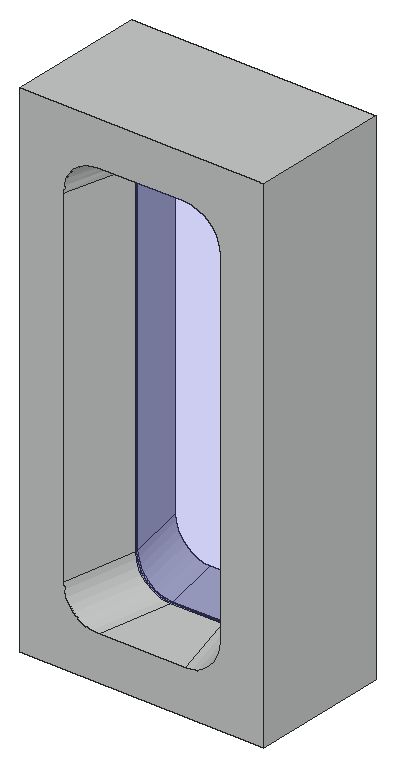
Revit family "MARKKY", category Curtain Panels, Revit 2019
Family settings
  OmniClass Number = 23.25.20.14.11.11.17
  OmniClass Title = Infill Panels
  Always vertical = Yes
  Cut with Voids When Loaded = No
  Shared = No
Parameters
  Material en Concreto = Concreto ladrillo
Reference planes (m)
  plane 1 "Centro (Frontal/Posterior)": y = 0
  plane 2: z = 0
  plane 3 "Centro (Izquierda/Derecha)": x = 0
  plane 4 "Izquierda": x = -1.5
  plane 5 "Derecha": x = 1.5
  plane 6 "Parte superior": z = 4
Forms (m)
  Extrusion 1, solid, material "Concreto ladrillo" <- "Material en Concreto"
    sketch origin (0.225516, 0, 0.07) x (0, 0, -1) y (-1, 0, 0)
      loop
        line (-0.22, 0.225516) -> (-0.22, 0.085516) -> (0.07, 0.085516) -> (0.07, 0.225516) -> (-0.22, 0.225516)
    from 0.08 to 0
  Blend 2, void
    base sketch origin (0.225516, 0, 0) x (-1, 0, 0) y (0, 0, 1)
      loop
        line (0.180491, 0.265) -> (0.131131, 0.265)
        arc (0.131131, 0.265) -> (0.116554, 0.258962) -> (0.110516, 0.244384) r 0.020616
        line (0.110516, 0.244384) -> (0.110516, 0.045616)
        arc (0.110516, 0.045616) -> (0.116554, 0.031038) -> (0.131131, 0.025) r 0.020616
        line (0.131131, 0.025) -> (0.180491, 0.025)
        arc (0.180491, 0.025) -> (0.19465, 0.030865) -> (0.200516, 0.045025) r 0.020025
        line (0.200516, 0.045025) -> (0.200516, 0.244975)
        arc (0.200516, 0.244975) -> (0.19465, 0.259135) -> (0.180491, 0.265) r 0.020025
    top sketch origin (0.225516, 0, 0) x (-1, 0, 0) y (0, 0, 1)
      loop
        line (0.170034, 0.263018) -> (0.140547, 0.263018)
        arc (0.140547, 0.263018) -> (0.126383, 0.257151) -> (0.120516, 0.242987) r 0.020031
        line (0.120516, 0.242987) -> (0.120516, 0.04762)
        arc (0.120516, 0.04762) -> (0.126553, 0.033045) -> (0.141128, 0.027008) r 0.020612
        line (0.141128, 0.027008) -> (0.170474, 0.027008)
        arc (0.170474, 0.027008) -> (0.184622, 0.032868) -> (0.190483, 0.047017) r 0.020009
        line (0.190483, 0.047017) -> (0.190483, 0.244789)
        arc (0.190483, 0.244789) -> (0.183731, 0.257799) -> (0.170034, 0.263018) r 0.020584
    from 0 to 0.04
  Blend 3, void
    base sketch origin (0.225516, 0.08, 0) x (-1, 0, 0) y (0, 0, -1)
      loop
        arc (0.180491, -0.265) -> (0.19465, -0.259135) -> (0.200516, -0.244975) r 0.020025
        line (0.200516, -0.244975) -> (0.200516, -0.045025)
        arc (0.200516, -0.045025) -> (0.19465, -0.030865) -> (0.180491, -0.025) r 0.020025
        line (0.180491, -0.025) -> (0.131131, -0.025)
        arc (0.131131, -0.025) -> (0.116554, -0.031038) -> (0.110516, -0.045616) r 0.020616
        line (0.110516, -0.045616) -> (0.110516, -0.244384)
        arc (0.110516, -0.244384) -> (0.116554, -0.258962) -> (0.131131, -0.265) r 0.020616
        line (0.131131, -0.265) -> (0.180491, -0.265)
    top sketch origin (0.225516, 0.08, 0) x (-1, 0, 0) y (0, 0, -1)
      loop
        arc (0.170034, -0.263018) -> (0.183731, -0.257799) -> (0.190483, -0.244789) r 0.020584
        line (0.190483, -0.244789) -> (0.190483, -0.047017)
        arc (0.190483, -0.047017) -> (0.184622, -0.032868) -> (0.170474, -0.027008) r 0.020009
        line (0.170474, -0.027008) -> (0.141128, -0.027008)
        arc (0.141128, -0.027008) -> (0.126553, -0.033045) -> (0.120516, -0.04762) r 0.020612
        line (0.120516, -0.04762) -> (0.120516, -0.242987)
        arc (0.120516, -0.242987) -> (0.126383, -0.257151) -> (0.140547, -0.263018) r 0.020031
        line (0.140547, -0.263018) -> (0.170034, -0.263018)
    from 0 to 0.04
  Extrusion 4, solid, material "Vidrio"
    sketch origin (0.225516, 0, 0.07) x (0, 0, 1) y (-1, 0, 0)
      loop
        line (0.178158, 0.121218) -> (0.182988, 0.123278) -> (0.187135, 0.126554) -> (0.190317, 0.130823) -> (0.192318, 0.135795) -> (0.193, 0.141131) -> (0.193, 0.1699) -> (0.192318, 0.175236) -> (0.190317, 0.180208) -> (0.187135, 0.184477) -> (0.182988, 0.187754) -> (0.178158, 0.189813) -> (0.172975, 0.190516) -> (-0.022975, 0.190516) -> (-0.028158, 0.189813) -> (-0.032988, 0.187754) -> (-0.037135, 0.184477) -> (-0.040317, 0.180208) -> (-0.042318, 0.175236) -> (-0.043, 0.1699) -> (-0.043, 0.141131) -> (-0.042318, 0.135795) -> (-0.040317, 0.130823) -> (-0.037135, 0.126554) -> (-0.032988, 0.123278) -> (-0.028158, 0.121218) -> (-0.022975, 0.120516) -> (0.172975, 0.120516) -> (0.178158, 0.121218)
    from -0.041 to -0.038983
Cuts and joins
  Blend 2, Blend 3 cuts Extrusion 1
Text (m)
  text "Exterior" at (-2.45384, 1.416179, 0), in view "Nivel de referencia"
  text "Exterior" at (0, 2.290741, 4.406713), in view "Izquierda"
  text "Exterior" at (0, 1.328187, 4.120349), in view "Derecha"
Dimensions and locks (m)
  equal spacing: plane 4 "Izquierda", plane 3 "Centro (Izquierda/Derecha)", plane 5 "Derecha"
  aligned and locked: level to plane 2
Automatic sketch dimensions
  Extrusion 1 sketch curve to plane 3 "Centro (Izquierda/Derecha)" = 0.000 m
  Extrusion 1 sketch curve to level = 0.000 m
  level to Extrusion 1 sketch curve = 0.290 m
  plane 3 "Centro (Izquierda/Derecha)" to Extrusion 1 sketch curve = 0.140 m
  plane 3 "Centro (Izquierda/Derecha)" to Blend 2 sketch curve = 0.115 m
  Blend 2 sketch curve to Blend 2 sketch curve = 0.020616 m  (x2)
  plane 3 "Centro (Izquierda/Derecha)" to Blend 2 sketch curve = 0.045025 m  (x2)
  Blend 2 sketch curve to Blend 2 sketch curve = 0.020025 m
  level to Blend 2 sketch curve = 0.025 m
  Blend 2 sketch curve to Blend 2 sketch curve = 0.198769 m
  plane 3 "Centro (Izquierda/Derecha)" to Blend 2 sketch curve = 0.105 m
  Blend 2 sketch curve to Blend 2 sketch curve = 0.020031 m
  Blend 2 sketch curve to Blend 2 sketch curve = 0.020612 m
  Blend 2 sketch curve to Blend 2 sketch curve = 0.029487 m
  Blend 2 sketch curve to Blend 2 sketch curve = 0.029346 m
  Blend 2 sketch curve to Blend 2 sketch curve = 0.020009 m
  level to Blend 2 sketch curve = 0.027008 m
  Blend 2 sketch curve to Blend 2 sketch curve = 0.195417 m
  Blend 2 sketch curve to Blend 2 sketch curve = 0.000554 m
  plane 3 "Centro (Izquierda/Derecha)" to Blend 3 sketch curve = 0.115 m
  Blend 3 sketch curve to Blend 3 sketch curve = 0.020616 m  (x2)
  plane 3 "Centro (Izquierda/Derecha)" to Blend 3 sketch curve = 0.045025 m  (x2)
  Blend 3 sketch curve to Blend 3 sketch curve = 0.020025 m
  level to Blend 3 sketch curve = 0.265 m
  level to Blend 3 sketch curve = 0.045616 m
  plane 3 "Centro (Izquierda/Derecha)" to Blend 3 sketch curve = 0.105 m
  Blend 3 sketch curve to Blend 3 sketch curve = 0.020031 m
  Blend 3 sketch curve to Blend 3 sketch curve = 0.020612 m
  Blend 3 sketch curve to Blend 3 sketch curve = 0.029487 m
  Blend 3 sketch curve to Blend 3 sketch curve = 0.029346 m
  Blend 3 sketch curve to Blend 3 sketch curve = 0.020009 m
  level to Blend 3 sketch curve = 0.263018 m
  Blend 3 sketch curve to Blend 3 sketch curve = 0.018229 m
  level to Blend 3 sketch curve = 0.04762 m
  Extrusion 4 sketch curve to Extrusion 1 = 0.027 m
  Extrusion 4 sketch curve to Extrusion 4 sketch curve = 0.000682 m  (x3)
  Extrusion 4 sketch curve to Extrusion 4 sketch curve = 0.002001 m  (x4)
  Extrusion 4 sketch curve to Extrusion 4 sketch curve = 0.003182 m  (x4)
  Extrusion 4 sketch curve to Extrusion 4 sketch curve = 0.004147 m  (x4)
  Extrusion 4 sketch curve to Extrusion 4 sketch curve = 0.00483 m  (x4)
  Extrusion 4 sketch curve to Extrusion 4 sketch curve = 0.005183 m  (x4)
  Extrusion 4 sketch curve to Extrusion 1 = 0.047025 m  (x2)
  Extrusion 4 sketch curve to Extrusion 1 = 0.035 m
  Extrusion 4 sketch curve to Extrusion 4 sketch curve = 0.000702 m  (x3)
  Extrusion 4 sketch curve to Extrusion 4 sketch curve = 0.002059 m  (x4)
  Extrusion 4 sketch curve to Extrusion 4 sketch curve = 0.003276 m  (x4)
  Extrusion 4 sketch curve to Extrusion 4 sketch curve = 0.00427 m  (x4)
  Extrusion 4 sketch curve to Extrusion 4 sketch curve = 0.004972 m  (x4)
  Extrusion 4 sketch curve to Extrusion 4 sketch curve = 0.005336 m  (x4)
  Extrusion 4 sketch curve to Extrusion 4 sketch curve = 0.028769 m  (x2)
